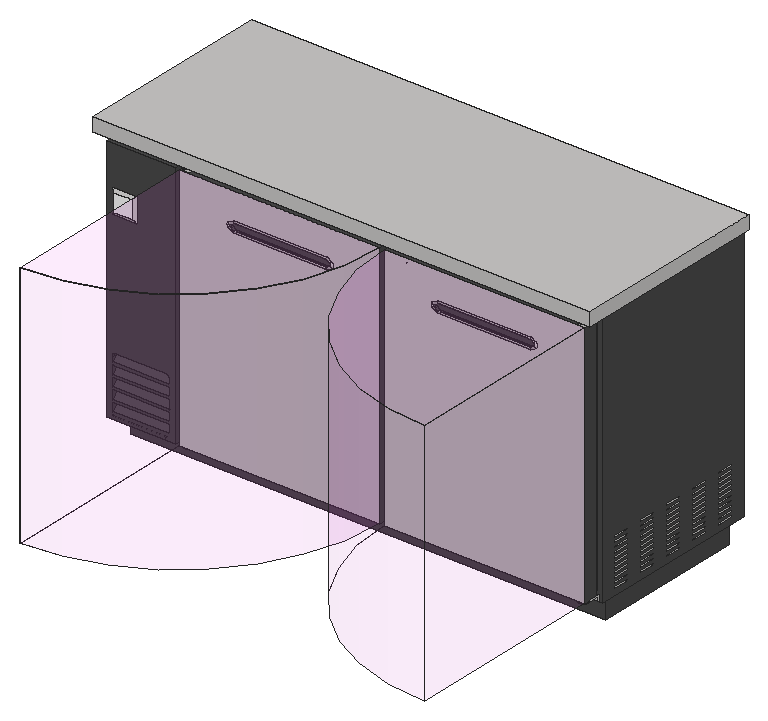
Revit family "QF_Kelvinator_738270_KCHBB60S", category Specialty Equipment, Revit 2021 (continued)
Definition of nested family "KCHBB48S"
  Definition of nested family "Family1"
    Forms (in)
      Extrusion 18, solid
        sketch origin (2, 0.35049, -1.06969) x (0, 0, 1) y (-1, 0, 0)
          loop
            circle (0.77738, 1.45668) r 0.25
        from 0 to 0.125
      Extrusion 19, solid, visible <- "Show Clearance"
        sketch origin (0, 0, 0) x (1, 0, 0) y (0, 1, 0)
          loop
            line (0, -1.75) -> (0, -26.35)
            arc (0, -26.35) -> (17.39483, -19.14483) -> (24.6, -1.75) r 24.6
            line (24.6, -1.75) -> (0, -1.75)
        from 0 to 30.4
    Cuts and joins
      Extrusion 2, Extrusion 4 cuts Extrusion 1
      joined: Extrusion 7, Extrusion 8, Extrusion 9, Extrusion 10, Extrusion 11, Extrusion 12
      joined: Extrusion 13, Extrusion 14, Extrusion 15, Extrusion 16, Extrusion 17, Extrusion 18
    Lines and regions (in)
      Split face 1
        outline origin (0, -1.75, 30.4) x (-1, 0, 0) y (0, 0, -1)
          loop
            arc (-21.0075, 0.1875) -> (-20.695, 0.5) -> (-21.0075, 0.8125) r 0.3125
            line (-21.0075, 0.8125) -> (-22.10125, 0.8125)
            arc (-22.10125, 0.8125) -> (-22.41375, 0.5) -> (-22.10125, 0.1875) r 0.3125
            line (-22.10125, 0.1875) -> (-21.0075, 0.1875)
      Split face 2
        outline origin (0, -1.75, 30.4) x (-1, 0, 0) y (0, 0, -1)
          loop
            circle (-21.55437, 0.5) r 0.2773
      symbolic lines, visible <- "Show Clearance"
        curve 1: arc (21.30422, -14.05, 0) -> (23.68371, -8.40146, 0) -> (24.59292, -2.34, 0) r 24.6
        curve 2: line (1.02191, -2.34, 0) -> (21.30422, -14.05, 0)
    Dimensions and locks (in)
      equal spacing: plane 3 "LEFT", plane 7 "Center Y", plane 4 "RIGHT"
      "Length": plane 3 "LEFT" to plane 4 "RIGHT"
      equal spacing: plane 5 "FRONT", plane 8 "Center X", plane 1 "BACK"
      "Depth": plane 5 "FRONT" to plane 1 "BACK"
      "Height": plane 6 "TOP" to level
      aligned and locked: level to plane 2
      aligned and locked: Extrusion 5 to plane 13
      aligned and locked: Extrusion 6 to plane 13
    Automatic sketch dimensions
      Extrusion 1 sketch curve to level = 0"
      Extrusion 1 sketch curve to plane 3 "LEFT" = 0"
      plane 4 "RIGHT" to Extrusion 1 sketch curve = 0"
      Extrusion 1 sketch curve to plane 6 "TOP" = 0"
      Extrusion 2 sketch curve to plane 6 "TOP" = 4.42179"
      Extrusion 2 sketch curve to Extrusion 2 sketch curve = 0.3367"
      Extrusion 2 sketch curve to Extrusion 2 sketch curve = 0.33813"  (x2)
      Extrusion 2 sketch curve to Extrusion 2 sketch curve = 0.09937"  (x2)
      Extrusion 2 sketch curve to Extrusion 2 sketch curve = 0.1008"  (x2)
      plane 12 to Extrusion 2 sketch curve = 5.7715"
      Extrusion 2 sketch curve to Extrusion 2 sketch curve = 0.06211"
      Extrusion 2 sketch curve to Extrusion 2 sketch curve = 0.541"  (x2)
      plane 7 "Center Y" to Extrusion 2 sketch curve = 5.675"
      Extrusion 2 sketch curve to Extrusion 2 sketch curve = 0"
      Extrusion 2 sketch curve to Extrusion 2 sketch curve = 0.47572"
      Extrusion 2 sketch curve to Extrusion 2 sketch curve = 0.063"
      Sweep 3 sketch curve to plane 6 "TOP" = 3.54679"
      Sweep 3 sketch curve to Sweep 3 sketch curve = 0.3367"
      Sweep 3 sketch curve to Sweep 3 sketch curve = 0.33813"  (x2)
      Sweep 3 sketch curve to Sweep 3 sketch curve = 0.09937"  (x2)
      Sweep 3 sketch curve to Sweep 3 sketch curve = 0.1008"  (x2)
      plane 12 to Sweep 3 sketch curve = 5.7715"
      Sweep 3 sketch curve to Sweep 3 sketch curve = 0.06211"
      Sweep 3 sketch curve to Sweep 3 sketch curve = 0.541"  (x2)
      plane 7 "Center Y" to Sweep 3 sketch curve = 5.675"
      Sweep 3 sketch curve to Sweep 3 sketch curve = 0"
      Sweep 3 sketch curve to Sweep 3 sketch curve = 0.47572"
      Sweep 3 sketch curve to Sweep 3 sketch curve = 0.063"
      profile plane to Sweep 3 sketch curve = 0"
      profile plane to Sweep 3 sketch curve = 1/8"
      profile plane to Sweep 3 sketch curve = 2.67809"
      Sweep 3 sketch curve to Sweep 3 sketch curve = 0.12191"
      Split face 1 sketch curve to cut or joined group of Extrusion 1, Extrusion 2, Extrusion 4 = 3/16"
      cut or joined group of Extrusion 1, Extrusion 2, Extrusion 4 to Split face 1 sketch curve = 0.2873"  (x2)
      Split face 1 sketch curve to cut or joined group of Extrusion 1, Extrusion 2, Extrusion 4 = 1/32"
      Split face 2 sketch curve to cut or joined group of Extrusion 1, Extrusion 2, Extrusion 4 = 1/32"
      Split face 2 sketch curve to cut or joined group of Extrusion 1, Extrusion 2, Extrusion 4 = 0.25958"
      Extrusion 1 to Extrusion 4 sketch curve = 15/32"
      Extrusion 1 to Extrusion 4 sketch curve = 2.78605"
      Extrusion 4 sketch curve to Extrusion 4 sketch curve = 0.51916"
      Extrusion 4 sketch curve to Extrusion 4 sketch curve = 1/16"
      Extrusion 5 sketch curve to plane 1 "BACK" = 0"
      level to Extrusion 5 sketch curve = 0.32425"
      Extrusion 5 sketch curve to plane 6 "TOP" = 0.32575"
      Extrusion 5 sketch curve to Extrusion 5 sketch curve = 1/4"
      Extrusion 6 sketch curve to plane 9 = 0"
      level to Extrusion 6 sketch curve = 0.32425"
      Extrusion 6 sketch curve to plane 6 "TOP" = 0.32575"
      Extrusion 6 sketch curve to Extrusion 6 sketch curve = 1/4"
      Extrusion 7 sketch curve to plane 6 "TOP" = 0"
      Extrusion 7 sketch curve to plane 3 "LEFT" = 0"
      Extrusion 7 sketch curve to plane 10 = 0.12956"
      plane 12 to Extrusion 7 sketch curve = 2 11/16"
      Extrusion 8 sketch curve to plane 9 = 0"
      Extrusion 8 sketch curve to plane 3 "LEFT" = 0"
      plane 12 to Extrusion 8 sketch curve = 0.23886"
      Extrusion 8 sketch curve to plane 8 "Center X" = 1/4"
      Extrusion 9 sketch curve to Extrusion 7 = 0.29232"
      Extrusion 9 sketch curve to Extrusion 7 = 0.45668"
      Extrusion 10 sketch curve to plane 8 "Center X" = 0"
      plane 12 to Extrusion 10 sketch curve = 0.23886"
      Extrusion 11 sketch curve to Extrusion 7 = 0.29232"
      Extrusion 11 sketch curve to Extrusion 7 = 1.45668"
      Extrusion 12 sketch curve to Extrusion 7 = 0.29232"
      Extrusion 12 sketch curve to Extrusion 7 = 0.54332"
      Extrusion 13 sketch curve to level = 0"
      Extrusion 13 sketch curve to plane 3 "LEFT" = 0"
      Extrusion 13 sketch curve to plane 11 = 0.12956"
      plane 12 to Extrusion 13 sketch curve = 2 11/16"
      Extrusion 14 sketch curve to plane 3 "LEFT" = 0"
      Extrusion 14 sketch curve to plane 9 = 0"
      Extrusion 14 sketch curve to plane 8 "Center X" = 1/4"
      Extrusion 14 sketch curve to Extrusion 14 sketch curve = 0.55136"
      Extrusion 15 sketch curve to Extrusion 13 = 0.29232"
      Extrusion 15 sketch curve to Extrusion 13 = 0.45668"
      Extrusion 16 sketch curve to plane 8 "Center X" = 0"
      plane 12 to Extrusion 16 sketch curve = 0.23886"
      Extrusion 17 sketch curve to Extrusion 13 = 0.29232"
      Extrusion 17 sketch curve to Extrusion 13 = 1.45668"
      Extrusion 18 sketch curve to Extrusion 13 = 0.29232"
      Extrusion 18 sketch curve to Extrusion 13 = 0.54332"
      Extrusion 19 sketch curve to plane 3 "LEFT" = 0"
      Extrusion 19 sketch curve to plane 4 "RIGHT" = 0"
      plane 5 "FRONT" to Extrusion 19 sketch curve = 0"
      curve 1 to plane 3 "LEFT" = 0"
      curve 2 to plane 14 = 0"
      curve 1 to plane 14 = 0"
      plane 5 "FRONT" to curve 1 = 0"
      plane 13 to curve 2 = 2.98328"
      curve 2 to plane 14 = 11.71"
      plane 12 to curve 2 = 0.70941"
      radius of Split face 2 sketch curve = 0.2773"
      radius of Extrusion 9 sketch curve = 1/4"
      radius of Extrusion 10 sketch curve = 1/4"
      radius of Extrusion 11 sketch curve = 1/4"
      radius of Extrusion 12 sketch curve = 1/4"
      radius of Extrusion 15 sketch curve = 1/4"
      radius of Extrusion 16 sketch curve = 1/4"
      radius of Extrusion 17 sketch curve = 1/4"
      radius of Extrusion 18 sketch curve = 1/4"
